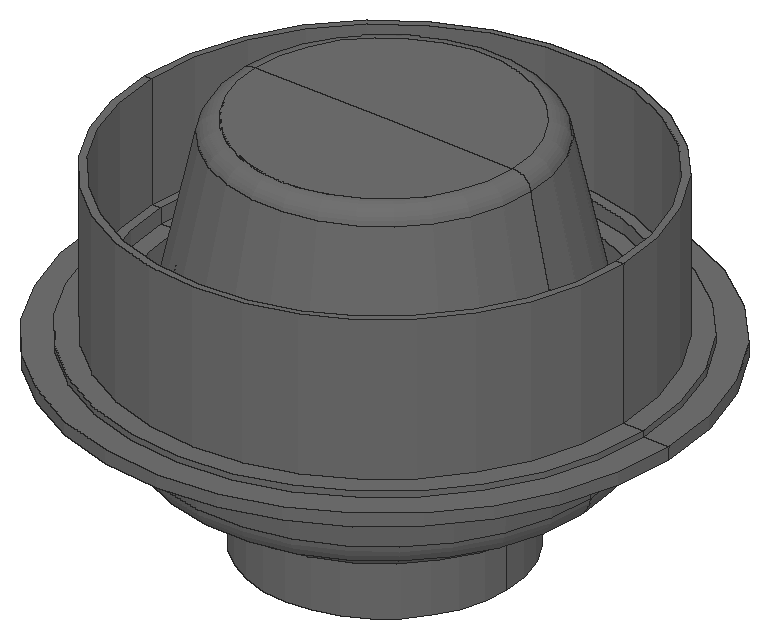
Revit family
Parameters (values of type "1011-06")
  Weight (lb) = 26.14
  Waste Connection = no
  Warranty = "1 year material and workmanship"  # constant formula
  Vent Connection = no
  URL = "http://www.jrsmith.com"
  Threaded = yes
  Technical and Installation = "http://www.jrsmith.com/products/roof/tech_data_index.htm"
  SmartBIM Object Version = 3  # constant formula
  SmartBIM Object Created By = "Reed Construction Data"  # constant formula
  Push On = yes
  Product URL = "http://www.jrsmith.com/products/roof/submittal/d1011.pdf"
  Outlet Radius = Pipe Diameter / 2  # 3"
  Pipe Diameter = 6"
  OmniClass Title = "Roof Drains"  # constant formula
  OmniClass Code = "22-22 14 26 13"  # constant formula
  No Hub = yes
  Model = "1011"  # constant formula
  Material Finish = Cast Iron
  Material = Duco coated
  Manufacturer = "Jay R. Smith Mfg. Co. "  # constant formula
  HW Connection = no
  Dome Free Area = "6\""
  Description = "Duco cast iron body with flashing clamp and stainless steel perforated gravel stop"  # constant formula
  Default Elevation = 0"
  Caulk = yes
  CW Connection = no
  Assembly Code = "D2040200"
  95 CSI = "15165"  # constant formula
  04 CSI = "22 14 35"  # constant formula
Types (6): name | Weight (lb) | Outlet Radius | Pipe Diameter | Material Finish | Dome Free Area
  (no name) | 26.14 | 3" | 6" | Cast Iron | "6\""
  1011-02 | 27.79 | 1" | 2" | Duco coated | "2\""
  1011-03 | 27.22 | 1 1/2" | 3" | Cast Iron | "3\""
  1011-04 | 25.84 | 2" | 4" | Cast Iron | "4\""
  1011-05 | 27.72 | 2 1/2" | 5" | Cast Iron | "5\""
  1011-06 | 26.14 | 3" | 6" | Cast Iron | "6\""
Reference planes (in)
  plane 1 "Center (Front/Back)": y = 0
  plane 2: z = 0
  plane 3 "Center (Left/Right)": x = 0
  plane 4: z = 0.32418
  plane 5: z = -4.67582
  plane 6: z = 4.32418
  plane 7: x = -3
  plane 8: x = 3
  plane 9: z = 5.57418
Forms (in)
  Revolve 1, solid, material "Duco coated" <- "Material"
    sketch origin (0, 0, 0) x (1, 0, 0) y (0, 0, 1)
      loop
        line (3.31738, -2.78433) -> (4.24279, -2.78433)
        arc (4.24279, -2.78433) -> (4.41956, -2.71111) -> (4.49279, -2.53433) r 0.25
        line (4.49279, -2.53433) -> (4.49279, -2.48291)
        arc (4.49279, -2.48291) -> (4.53827, -2.37311) -> (4.64807, -2.32763) r 0.15529
        line (4.64807, -2.32763) -> (4.81442, -2.32763)
        arc (4.81442, -2.32763) -> (5.3208, -2.1401) -> (5.58289, -1.66798) r 0.77744
        line (5.58289, -1.66798) -> (5.73617, -0.66802) -> (7.68747, 0) -> (7.68747, 0.32418) -> (7.00105, 0.32418) -> (7.00105, 0.47276) -> (6.30912, 0.47276) -> (6.30912, 1.28322) -> (6.02851, 1.28322) -> (6.02851, 0.91077) -> (5.57263, 0.91077) -> (5.57263, 0.32418) -> (4.93139, 0.32418) -> (4.93141, -1.85081) -> (4.84921, -1.85081)
        arc (4.84921, -1.85081) -> (4.7806, -2.00775) -> (4.62193, -2.07228) r 0.22735
        line (4.62193, -2.07228) -> (4.55818, -2.07228)
        arc (4.55818, -2.07228) -> (4.39119, -2.12911) -> (4.31094, -2.28619) r 0.23471
        arc (4.31094, -2.28619) -> (4.22335, -2.41139) -> (4.07569, -2.45067) r 0.22268
        line (4.07569, -2.45067) -> (3, -2.45067) -> (3, -4.67582) -> (3.31738, -4.67582) -> (3.31738, -2.78433)
      axis (0, 1.28322) -> (0, -4.67582)
    angle from 0 to 360
  Revolve 2, solid, material "Duco coated" <- "Material"
    sketch origin (0, 0, 0) x (1, 0, 0) y (0, 0, 1)
      loop
        line (6.46537, 0.47276) -> (6.46537, 4.32418) -> (6.29221, 4.32418) -> (6.29221, 0.47276) -> (6.46537, 0.47276)
      axis (0, 4.32418) -> (0, 0.47276)
    angle from 0 to 360
  Revolve 3, solid, material "Duco coated" <- "Material"
    sketch origin (0, 0, 0) x (1, 0, 0) y (0, 0, 1)
      loop
        line (3.48316, 5.57418) -> (0, 5.57418) -> (0, 5.16895) -> (3.1753, 5.16895)
        arc (3.1753, 5.16895) -> (3.52181, 5.04832) -> (3.7185, 4.73858) r 0.55799
        line (3.7185, 4.73858) -> (4.75561, 0.32418) -> (5.05417, 0.32418) -> (3.97118, 5.18296)
        arc (3.97118, 5.18296) -> (3.7959, 5.4643) -> (3.48316, 5.57418) r 0.5
      axis (0, 5.57418) -> (0, 0.32418)
    angle from 0 to 360
Lines and regions (in)
  model lines
    curve 1: circle (-0.04217, -6.46537, 3.78831) r 0.22131 normal (0, 1, 0)
    curve 2: circle (-0.01818, -6.46537, 2.7884) r 0.25 normal (0, 1, 0)
    curve 3: circle (-0.03196, -6.46537, 1.83165) r 0.25 normal (0, 1, 0)
    curve 4: circle (0.00937, -6.46537, 0.98275) r 0.25 normal (0, 1, 0)
    curve 5: circle (1.11294, -6.369, 3.78831) r 0.22131 normal (-0.1786, 0.9839, 0)
    curve 6: circle (1.13655, -6.36471, 2.7884) r 0.25 normal (-0.1786, 0.9839, 0)
    curve 7: circle (1.12299, -6.36717, 1.83165) r 0.25 normal (-0.1786, 0.9839, 0)
    curve 8: circle (1.16365, -6.3598, 0.98275) r 0.25 normal (-0.1786, 0.9839, 0)
    curve 9: circle (2.23229, -6.06792, 3.78831) r 0.22131 normal (-0.3514, 0.9362, 0)
    curve 10: circle (2.25475, -6.05949, 2.7884) r 0.25 normal (-0.3514, 0.9362, 0)
    curve 11: circle (2.24185, -6.06433, 1.83165) r 0.25 normal (-0.3514, 0.9362, 0)
    curve 12: circle (2.28054, -6.04981, 0.98275) r 0.25 normal (-0.3514, 0.9362, 0)
    curve 13: circle (3.27988, -5.57182, 3.78831) r 0.22131 normal (-0.5129, 0.8584, 0)
    curve 14: circle (3.30048, -5.55951, 2.7884) r 0.25 normal (-0.5129, 0.8584, 0)
    curve 15: circle (3.28865, -5.56658, 1.83165) r 0.25 normal (-0.5129, 0.8584, 0)
    curve 16: circle (3.32412, -5.54538, 0.98275) r 0.25 normal (-0.5129, 0.8584, 0)
    curve 17: circle (4.22206, -4.89663, 3.78831) r 0.22131 normal (-0.6579, 0.7531, 0)
    curve 18: circle (4.24013, -4.88085, 2.7884) r 0.25 normal (-0.6579, 0.7531, 0)
    curve 19: circle (4.22975, -4.88991, 1.83165) r 0.25 normal (-0.6579, 0.7531, 0)
    curve 20: circle (4.26087, -4.86272, 0.98275) r 0.25 normal (-0.6579, 0.7531, 0)
    curve 21: circle (5.02854, -4.06406, 3.78831) r 0.22131 normal (-0.7818, 0.6235, 0)
    curve 22: circle (5.04349, -4.04531, 2.7884) r 0.25 normal (-0.7818, 0.6235, 0)
    curve 23: circle (5.03491, -4.05608, 1.83165) r 0.25 normal (-0.7818, 0.6235, 0)
    curve 24: circle (5.06067, -4.02377, 0.98275) r 0.25 normal (-0.7818, 0.6235, 0)
    curve 25: circle (5.67339, -3.10087, 3.78831) r 0.22131 normal (-0.8806, 0.4739, 0)
    curve 26: circle (5.68476, -3.07975, 2.7884) r 0.25 normal (-0.8806, 0.4739, 0)
    curve 27: circle (5.67823, -3.09188, 1.83165) r 0.25 normal (-0.8806, 0.4739, 0)
    curve 28: circle (5.69781, -3.05549, 0.98275) r 0.25 normal (-0.8806, 0.4739, 0)
    curve 29: circle (6.1359, -2.03801, 3.78831) r 0.22131 normal (-0.9511, 0.309, 0)
    curve 30: circle (6.14331, -2.0152, 2.7884) r 0.25 normal (-0.9511, 0.309, 0)
    curve 31: circle (6.13906, -2.0283, 1.83165) r 0.25 normal (-0.9511, 0.309, 0)
    curve 32: circle (6.15183, -1.989, 0.98275) r 0.25 normal (-0.9511, 0.309, 0)
    curve 33: circle (6.4012, -0.90966, 3.78831) r 0.22131 normal (-0.9909, 0.1342, 0)
    curve 34: circle (6.40442, -0.88588, 2.7884) r 0.25 normal (-0.9909, 0.1342, 0)
    curve 35: circle (6.40257, -0.89953, 1.83165) r 0.25 normal (-0.9909, 0.1342, 0)
    curve 36: circle (6.40811, -0.85858, 0.98275) r 0.25 normal (-0.9909, 0.1342, 0)
    curve 37: circle (6.46075, 0.24794, 3.78831) r 0.22131 normal (-0.999, -0.0449, 0)
    curve 38: circle (6.45967, 0.2719, 2.7884) r 0.25 normal (-0.999, -0.0449, 0)
    curve 39: circle (6.46029, 0.25814, 1.83165) r 0.25 normal (-0.999, -0.0449, 0)
    curve 40: circle (6.45844, 0.29943, 0.98275) r 0.25 normal (-0.999, -0.0449, 0)
    curve 41: circle (6.31265, 1.39757, 3.78831) r 0.22131 normal (-0.9749, -0.2225, 0)
    curve 42: circle (6.30731, 1.42095, 2.7884) r 0.25 normal (-0.9749, -0.2225, 0)
    curve 43: circle (6.31038, 1.40753, 1.83165) r 0.25 normal (-0.9749, -0.2225, 0)
    curve 44: circle (6.30118, 1.44781, 0.98275) r 0.25 normal (-0.9749, -0.2225, 0)
    curve 45: circle (5.96166, 2.50228, 3.78831) r 0.22131 normal (-0.9195, -0.393, 0)
    curve 46: circle (5.95223, 2.52433, 2.7884) r 0.25 normal (-0.9195, -0.393, 0)
    curve 47: circle (5.95765, 2.51167, 1.83165) r 0.25 normal (-0.9195, -0.393, 0)
    curve 48: circle (5.94141, 2.54967, 0.98275) r 0.25 normal (-0.9195, -0.393, 0)
    curve 49: circle (5.41906, 3.52656, 3.78831) r 0.22131 normal (-0.8346, -0.5509, 0)
    curve 50: circle (5.40584, 3.54658, 2.7884) r 0.25 normal (-0.8346, -0.5509, 0)
    curve 51: circle (5.41343, 3.53508, 1.83165) r 0.25 normal (-0.8346, -0.5509, 0)
    curve 52: circle (5.39066, 3.56957, 0.98275) r 0.25 normal (-0.8346, -0.5509, 0)
    curve 53: circle (4.70228, 4.4375, 3.78831) r 0.22131 normal (-0.7228, -0.6911, 0)
    curve 54: circle (4.6857, 4.45483, 2.7884) r 0.25 normal (-0.7228, -0.6911, 0)
    curve 55: circle (4.69522, 4.44488, 1.83165) r 0.25 normal (-0.7228, -0.6911, 0)
    curve 56: circle (4.66666, 4.47475, 0.98275) r 0.25 normal (-0.7228, -0.6911, 0)
    curve 57: circle (3.83436, 5.20581, 3.78831) r 0.22131 normal (-0.5878, -0.809, 0)
    curve 58: circle (3.81496, 5.21991, 2.7884) r 0.25 normal (-0.5878, -0.809, 0)
    curve 59: circle (3.8261, 5.21181, 1.83165) r 0.25 normal (-0.5878, -0.809, 0)
    curve 60: circle (3.79267, 5.2361, 0.98275) r 0.25 normal (-0.5878, -0.809, 0)
    curve 61: circle (2.84321, 5.8068, 3.78831) r 0.22131 normal (-0.4339, -0.901, 0)
    curve 62: circle (2.8216, 5.81721, 2.7884) r 0.25 normal (-0.4339, -0.901, 0)
    curve 63: circle (2.83401, 5.81123, 1.83165) r 0.25 normal (-0.4339, -0.901, 0)
    curve 64: circle (2.79678, 5.82916, 0.98275) r 0.25 normal (-0.4339, -0.901, 0)
    curve 65: circle (1.76068, 6.22116, 3.78831) r 0.22131 normal (-0.266, -0.964, 0)
    curve 66: circle (1.73755, 6.22754, 2.7884) r 0.25 normal (-0.266, -0.964, 0)
    curve 67: circle (1.75083, 6.22387, 1.83165) r 0.25 normal (-0.266, -0.964, 0)
    curve 68: circle (1.711, 6.23487, 0.98275) r 0.25 normal (-0.266, -0.964, 0)
    curve 69: circle (0.62155, 6.43556, 3.78831) r 0.22131 normal (-0.0896, -0.996, 0)
    curve 70: circle (0.59766, 6.43771, 2.7884) r 0.25 normal (-0.0896, -0.996, 0)
    curve 71: circle (0.61138, 6.43648, 1.83165) r 0.25 normal (-0.0896, -0.996, 0)
    curve 72: circle (0.57022, 6.44018, 0.98275) r 0.25 normal (-0.0896, -0.996, 0)
    curve 73: circle (-0.53755, 6.44312, 3.78831) r 0.22131 normal (0.0896, -0.996, 0)
    curve 74: circle (-0.56144, 6.44097, 2.7884) r 0.25 normal (0.0896, -0.996, 0)
    curve 75: circle (-0.54772, 6.44221, 1.83165) r 0.25 normal (0.0896, -0.996, 0)
    curve 76: circle (-0.58888, 6.4385, 0.98275) r 0.25 normal (0.0896, -0.996, 0)
    curve 77: circle (-1.67938, 6.24359, 3.78831) r 0.22131 normal (0.266, -0.964, 0)
    curve 78: circle (-1.7025, 6.23721, 2.7884) r 0.25 normal (0.266, -0.964, 0)
    curve 79: circle (-1.68922, 6.24088, 1.83165) r 0.25 normal (0.266, -0.964, 0)
    curve 80: circle (-1.72906, 6.22988, 0.98275) r 0.25 normal (0.266, -0.964, 0)
    curve 81: circle (-2.76722, 5.84339, 3.78831) r 0.22131 normal (0.4339, -0.901, 0)
    curve 82: circle (-2.78884, 5.83299, 2.7884) r 0.25 normal (0.4339, -0.901, 0)
    curve 83: circle (-2.77643, 5.83896, 1.83165) r 0.25 normal (0.4339, -0.901, 0)
    curve 84: circle (-2.81366, 5.82103, 0.98275) r 0.25 normal (0.4339, -0.901, 0)
    curve 85: circle (-3.76613, 5.25538, 3.78831) r 0.22131 normal (0.5878, -0.809, 0)
    curve 86: circle (-3.78554, 5.24128, 2.7884) r 0.25 normal (0.5878, -0.809, 0)
    curve 87: circle (-3.7744, 5.24938, 1.83165) r 0.25 normal (0.5878, -0.809, 0)
    curve 88: circle (-3.80783, 5.22509, 0.98275) r 0.25 normal (0.5878, -0.809, 0)
    curve 89: circle (-4.64399, 4.49846, 3.78831) r 0.22131 normal (0.7228, -0.6911, 0)
    curve 90: circle (-4.66057, 4.48112, 2.7884) r 0.25 normal (0.7228, -0.6911, 0)
    curve 91: circle (-4.65105, 4.49107, 1.83165) r 0.25 normal (0.7228, -0.6911, 0)
    curve 92: circle (-4.67961, 4.4612, 0.98275) r 0.25 normal (0.7228, -0.6911, 0)
    curve 93: circle (-5.37259, 3.59695, 3.78831) r 0.22131 normal (0.8346, -0.5509, 0)
    curve 94: circle (-5.38581, 3.57693, 2.7884) r 0.25 normal (0.8346, -0.5509, 0)
    curve 95: circle (-5.37822, 3.58842, 1.83165) r 0.25 normal (0.8346, -0.5509, 0)
    curve 96: circle (-5.40098, 3.55393, 0.98275) r 0.25 normal (0.8346, -0.5509, 0)
    curve 97: circle (-5.92851, 2.57983, 3.78831) r 0.22131 normal (0.9195, -0.393, 0)
    curve 98: circle (-5.93794, 2.55777, 2.7884) r 0.25 normal (0.9195, -0.393, 0)
    curve 99: circle (-5.93253, 2.57044, 1.83165) r 0.25 normal (0.9195, -0.393, 0)
    curve 100: circle (-5.94877, 2.53244, 0.98275) r 0.25 normal (0.9195, -0.393, 0)
    curve 101: circle (-6.29389, 1.47979, 3.78831) r 0.22131 normal (0.9749, -0.2225, 0)
    curve 102: circle (-6.29922, 1.45641, 2.7884) r 0.25 normal (0.9749, -0.2225, 0)
    curve 103: circle (-6.29616, 1.46983, 1.83165) r 0.25 normal (0.9749, -0.2225, 0)
    curve 104: circle (-6.30535, 1.42955, 0.98275) r 0.25 normal (0.9749, -0.2225, 0)
    curve 105: circle (-6.45697, 0.3322, 3.78831) r 0.22131 normal (0.999, -0.0449, 0)
    curve 106: circle (-6.45804, 0.30823, 2.7884) r 0.25 normal (0.999, -0.0449, 0)
    curve 107: circle (-6.45743, 0.32199, 1.83165) r 0.25 normal (0.999, -0.0449, 0)
    curve 108: circle (-6.45928, 0.28071, 0.98275) r 0.25 normal (0.999, -0.0449, 0)
    curve 109: circle (-6.41252, -0.82608, 3.78831) r 0.22131 normal (0.9909, 0.1342, 0)
    curve 110: circle (-6.4093, -0.84985, 2.7884) r 0.25 normal (0.9909, 0.1342, 0)
    curve 111: circle (-6.41115, -0.8362, 1.83165) r 0.25 normal (0.9909, 0.1342, 0)
    curve 112: circle (-6.4056, -0.87715, 0.98275) r 0.25 normal (0.9909, 0.1342, 0)
    curve 113: circle (-6.16196, -1.9578, 3.78831) r 0.22131 normal (0.9511, 0.309, 0)
    curve 114: circle (-6.15455, -1.98062, 2.7884) r 0.25 normal (0.9511, 0.309, 0)
    curve 115: circle (-6.15881, -1.96752, 1.83165) r 0.25 normal (0.9511, 0.309, 0)
    curve 116: circle (-6.14604, -2.00682, 0.98275) r 0.25 normal (0.9511, 0.309, 0)
    curve 117: circle (-5.71336, -3.0266, 3.78831) r 0.22131 normal (0.8806, 0.4739, 0)
    curve 118: circle (-5.70199, -3.04773, 2.7884) r 0.25 normal (0.8806, 0.4739, 0)
    curve 119: circle (-5.70852, -3.0356, 1.83165) r 0.25 normal (0.8806, 0.4739, 0)
    curve 120: circle (-5.68894, -3.07198, 0.98275) r 0.25 normal (0.8806, 0.4739, 0)
    curve 121: circle (-5.08112, -3.99812, 3.78831) r 0.22131 normal (0.7818, 0.6235, 0)
    curve 122: circle (-5.06617, -4.01688, 2.7884) r 0.25 normal (0.7818, 0.6235, 0)
    curve 123: circle (-5.07475, -4.00611, 1.83165) r 0.25 normal (0.7818, 0.6235, 0)
    curve 124: circle (-5.04899, -4.03842, 0.98275) r 0.25 normal (0.7818, 0.6235, 0)
    curve 125: circle (-4.28557, -4.84114, 3.78831) r 0.22131 normal (0.6579, 0.7531, 0)
    curve 126: circle (-4.26751, -4.85692, 2.7884) r 0.25 normal (0.6579, 0.7531, 0)
    curve 127: circle (-4.27788, -4.84786, 1.83165) r 0.25 normal (0.6579, 0.7531, 0)
    curve 128: circle (-4.24676, -4.87505, 0.98275) r 0.25 normal (0.6579, 0.7531, 0)
    curve 129: circle (-3.35228, -5.52856, 3.78831) r 0.22131 normal (0.5129, 0.8584, 0)
    curve 130: circle (-3.33169, -5.54086, 2.7884) r 0.25 normal (0.5129, 0.8584, 0)
    curve 131: circle (-3.34352, -5.5338, 1.83165) r 0.25 normal (0.5129, 0.8584, 0)
    curve 132: circle (-3.30804, -5.55499, 0.98275) r 0.25 normal (0.5129, 0.8584, 0)
    curve 133: circle (-2.31125, -6.03829, 3.78831) r 0.22131 normal (0.3514, 0.9362, 0)
    curve 134: circle (-2.28879, -6.04672, 2.7884) r 0.25 normal (0.3514, 0.9362, 0)
    curve 135: circle (-2.30169, -6.04188, 1.83165) r 0.25 normal (0.3514, 0.9362, 0)
    curve 136: circle (-2.263, -6.0564, 0.98275) r 0.25 normal (0.3514, 0.9362, 0)
    curve 137: circle (-1.19593, -6.35394, 3.78831) r 0.22131 normal (0.1786, 0.9839, 0)
    curve 138: circle (-1.17233, -6.35822, 2.7884) r 0.25 normal (0.1786, 0.9839, 0)
    curve 139: circle (-1.18588, -6.35576, 1.83165) r 0.25 normal (0.1786, 0.9839, 0)
    curve 140: circle (-1.14522, -6.36314, 0.98275) r 0.25 normal (0.1786, 0.9839, 0)
    curve 141: line (-0.24844, -4.08128, 4.68023) -> (-0.24844, -5.05417, 0.32418)
    curve 142: line (0.26088, -5.05417, 0.32418) -> (0.26088, -4.08128, 4.68023)
    curve 143: arc (0.26088, -4.08128, 4.68023) -> (0.00622, -4.02577, 4.92877) -> (-0.24844, -4.08128, 4.68023) r 0.25466
    curve 144: line (0.66595, -4.03423, 4.68023) -> (0.88244, -4.98273, 0.32418)
    curve 145: line (1.37899, -4.8694, 0.32418) -> (1.16251, -3.9209, 4.68023)
    curve 146: arc (1.16251, -3.9209, 4.68023) -> (0.90188, -3.92345, 4.92877) -> (0.66595, -4.03423, 4.68023) r 0.25466
    curve 147: line (1.54696, -3.7849, 4.68023) -> (1.96908, -4.66144, 0.32418)
    curve 148: line (2.42796, -4.44046, 0.32418) -> (2.00584, -3.56391, 4.68023)
    curve 149: arc (2.00584, -3.56391, 4.68023) -> (1.75232, -3.62439, 4.92877) -> (1.54696, -3.7849, 4.68023) r 0.25466
    curve 150: line (2.35039, -3.34577, 4.68023) -> (2.95698, -4.10641, 0.32418)
    curve 151: line (3.35518, -3.78885, 0.32418) -> (2.7486, -3.02822, 4.68023)
    curve 152: arc (2.7486, -3.02822, 4.68023) -> (2.51489, -3.1436, 4.92877) -> (2.35039, -3.34577, 4.68023) r 0.25466
    curve 153: line (3.03597, -2.73888, 4.68023) -> (3.79661, -3.34546, 0.32418)
    curve 154: line (4.11416, -2.94726, 0.32418) -> (3.35352, -2.34067, 4.68023)
    curve 155: arc (3.35352, -2.34067, 4.68023) -> (3.15135, -2.50517, 4.92877) -> (3.03597, -2.73888, 4.68023) r 0.25466
    curve 156: line (3.56931, -1.99464, 4.68023) -> (4.44585, -2.41676, 0.32418)
    curve 157: line (4.66684, -1.95788, 0.32418) -> (3.79029, -1.53576, 4.68023)
    curve 158: arc (3.79029, -1.53576, 4.68023) -> (3.62979, -1.74111, 4.92877) -> (3.56931, -1.99464, 4.68023) r 0.25466
    curve 159: line (3.92367, -1.15038, 4.68023) -> (4.87217, -1.36687, 0.32418)
    curve 160: line (4.9855, -0.87032, 0.32418) -> (4.037, -0.65383, 4.68023)
    curve 161: arc (4.037, -0.65383, 4.68023) -> (3.92622, -0.88976, 4.92877) -> (3.92367, -1.15038, 4.68023) r 0.25466
    curve 162: line (4.08128, -0.24844, 4.68023) -> (5.05417, -0.24844, 0.32418)
    curve 163: line (5.05417, 0.26088, 0.32418) -> (4.08128, 0.26088, 4.68023)
    curve 164: arc (4.08128, 0.26088, 4.68023) -> (4.02577, 0.00622, 4.92877) -> (4.08128, -0.24844, 4.68023) r 0.25466
    curve 165: line (4.03423, 0.66595, 4.68023) -> (4.98273, 0.88244, 0.32418)
    curve 166: line (4.8694, 1.37899, 0.32418) -> (3.9209, 1.16251, 4.68023)
    curve 167: arc (3.9209, 1.16251, 4.68023) -> (3.92345, 0.90188, 4.92877) -> (4.03423, 0.66595, 4.68023) r 0.25466
    curve 168: line (3.7849, 1.54696, 4.68023) -> (4.66144, 1.96908, 0.32418)
    curve 169: line (4.44046, 2.42796, 0.32418) -> (3.56391, 2.00584, 4.68023)
    curve 170: arc (3.56391, 2.00584, 4.68023) -> (3.62439, 1.75232, 4.92877) -> (3.7849, 1.54696, 4.68023) r 0.25466
    curve 171: line (3.34577, 2.35039, 4.68023) -> (4.10641, 2.95698, 0.32418)
    curve 172: line (3.78885, 3.35518, 0.32418) -> (3.02822, 2.7486, 4.68023)
    curve 173: arc (3.02822, 2.7486, 4.68023) -> (3.1436, 2.51489, 4.92877) -> (3.34577, 2.35039, 4.68023) r 0.25466
    curve 174: line (2.73888, 3.03597, 4.68023) -> (3.34546, 3.79661, 0.32418)
    curve 175: line (2.94726, 4.11416, 0.32418) -> (2.34067, 3.35352, 4.68023)
    curve 176: arc (2.34067, 3.35352, 4.68023) -> (2.50517, 3.15135, 4.92877) -> (2.73888, 3.03597, 4.68023) r 0.25466
    curve 177: line (1.99464, 3.56931, 4.68023) -> (2.41676, 4.44585, 0.32418)
    curve 178: line (1.95788, 4.66684, 0.32418) -> (1.53576, 3.79029, 4.68023)
    curve 179: arc (1.53576, 3.79029, 4.68023) -> (1.74111, 3.62979, 4.92877) -> (1.99464, 3.56931, 4.68023) r 0.25466
    curve 180: line (1.15038, 3.92367, 4.68023) -> (1.36687, 4.87217, 0.32418)
    curve 181: line (0.87032, 4.9855, 0.32418) -> (0.65383, 4.037, 4.68023)
    curve 182: arc (0.65383, 4.037, 4.68023) -> (0.88976, 3.92622, 4.92877) -> (1.15038, 3.92367, 4.68023) r 0.25466
    curve 183: line (0.24844, 4.08128, 4.68023) -> (0.24844, 5.05417, 0.32418)
    curve 184: line (-0.26088, 5.05417, 0.32418) -> (-0.26088, 4.08128, 4.68023)
    curve 185: arc (-0.26088, 4.08128, 4.68023) -> (-0.00622, 4.02577, 4.92877) -> (0.24844, 4.08128, 4.68023) r 0.25466
    curve 186: line (-0.66595, 4.03423, 4.68023) -> (-0.88244, 4.98273, 0.32418)
    curve 187: line (-1.37899, 4.8694, 0.32418) -> (-1.16251, 3.9209, 4.68023)
    curve 188: arc (-1.16251, 3.9209, 4.68023) -> (-0.90188, 3.92345, 4.92877) -> (-0.66595, 4.03423, 4.68023) r 0.25466
    curve 189: line (-1.54696, 3.7849, 4.68023) -> (-1.96908, 4.66144, 0.32418)
    curve 190: line (-2.42796, 4.44046, 0.32418) -> (-2.00584, 3.56391, 4.68023)
    curve 191: arc (-2.00584, 3.56391, 4.68023) -> (-1.75232, 3.62439, 4.92877) -> (-1.54696, 3.7849, 4.68023) r 0.25466
    curve 192: line (-2.35039, 3.34577, 4.68023) -> (-2.95698, 4.10641, 0.32418)
    curve 193: line (-3.35518, 3.78885, 0.32418) -> (-2.7486, 3.02822, 4.68023)
    curve 194: arc (-2.7486, 3.02822, 4.68023) -> (-2.51489, 3.1436, 4.92877) -> (-2.35039, 3.34577, 4.68023) r 0.25466
    curve 195: line (-3.03597, 2.73888, 4.68023) -> (-3.79661, 3.34546, 0.32418)
    curve 196: line (-4.11416, 2.94726, 0.32418) -> (-3.35352, 2.34067, 4.68023)
    curve 197: arc (-3.35352, 2.34067, 4.68023) -> (-3.15135, 2.50517, 4.92877) -> (-3.03597, 2.73888, 4.68023) r 0.25466
    curve 198: line (-3.56931, 1.99464, 4.68023) -> (-4.44585, 2.41676, 0.32418)
    curve 199: line (-4.66684, 1.95788, 0.32418) -> (-3.79029, 1.53576, 4.68023)
    curve 200: arc (-3.79029, 1.53576, 4.68023) -> (-3.62979, 1.74111, 4.92877) -> (-3.56931, 1.99464, 4.68023) r 0.25466
    curve 201: line (-3.92367, 1.15038, 4.68023) -> (-4.87217, 1.36687, 0.32418)
    curve 202: line (-4.9855, 0.87032, 0.32418) -> (-4.037, 0.65383, 4.68023)
    curve 203: arc (-4.037, 0.65383, 4.68023) -> (-3.92622, 0.88976, 4.92877) -> (-3.92367, 1.15038, 4.68023) r 0.25466
    curve 204: line (-4.08128, 0.24844, 4.68023) -> (-5.05417, 0.24844, 0.32418)
    curve 205: line (-5.05417, -0.26088, 0.32418) -> (-4.08128, -0.26088, 4.68023)
    curve 206: arc (-4.08128, -0.26088, 4.68023) -> (-4.02577, -0.00622, 4.92877) -> (-4.08128, 0.24844, 4.68023) r 0.25466
    curve 207: line (-4.03423, -0.66595, 4.68023) -> (-4.98273, -0.88244, 0.32418)
    curve 208: line (-4.8694, -1.37899, 0.32418) -> (-3.9209, -1.16251, 4.68023)
    curve 209: arc (-3.9209, -1.16251, 4.68023) -> (-3.92345, -0.90188, 4.92877) -> (-4.03423, -0.66595, 4.68023) r 0.25466
    curve 210: line (-3.7849, -1.54696, 4.68023) -> (-4.66144, -1.96908, 0.32418)
    curve 211: line (-4.44046, -2.42796, 0.32418) -> (-3.56391, -2.00584, 4.68023)
    curve 212: arc (-3.56391, -2.00584, 4.68023) -> (-3.62439, -1.75232, 4.92877) -> (-3.7849, -1.54696, 4.68023) r 0.25466
    curve 213: line (-3.34577, -2.35039, 4.68023) -> (-4.10641, -2.95698, 0.32418)
    curve 214: line (-3.78885, -3.35518, 0.32418) -> (-3.02822, -2.7486, 4.68023)
    curve 215: arc (-3.02822, -2.7486, 4.68023) -> (-3.1436, -2.51489, 4.92877) -> (-3.34577, -2.35039, 4.68023) r 0.25466
    curve 216: line (-2.73888, -3.03597, 4.68023) -> (-3.34546, -3.79661, 0.32418)
    curve 217: line (-2.94726, -4.11416, 0.32418) -> (-2.34067, -3.35352, 4.68023)
    curve 218: arc (-2.34067, -3.35352, 4.68023) -> (-2.50517, -3.15135, 4.92877) -> (-2.73888, -3.03597, 4.68023) r 0.25466
    curve 219: line (-1.99464, -3.56931, 4.68023) -> (-2.41676, -4.44585, 0.32418)
    curve 220: line (-1.95788, -4.66684, 0.32418) -> (-1.53576, -3.79029, 4.68023)
    curve 221: arc (-1.53576, -3.79029, 4.68023) -> (-1.74111, -3.62979, 4.92877) -> (-1.99464, -3.56931, 4.68023) r 0.25466
    curve 222: line (-1.15038, -3.92367, 4.68023) -> (-1.36687, -4.87217, 0.32418)
    curve 223: line (-0.87032, -4.9855, 0.32418) -> (-0.65383, -4.037, 4.68023)
    curve 224: arc (-0.65383, -4.037, 4.68023) -> (-0.88976, -3.92622, 4.92877) -> (-1.15038, -3.92367, 4.68023) r 0.25466
Dimensions and locks (in)
  equal spacing: plane 8, plane 3 "Center (Left/Right)", plane 7
  "Pipe Diameter": plane 8 to plane 7
  locked: Revolve 1 sketch curve to Revolve 1 sketch curve at 0.31738
  plane 4 to plane 5 = 5"
  plane 6 to plane 4 = 4"
  plane 9 to plane 4 = 5 1/4"
  locked: Revolve 2 sketch curve to plane 3 "Center (Left/Right)" at 6.29221
  Revolve 3 sketch curve to Revolve 3 sketch curve to Revolve 3 sketch curve to Revolve 3 sketch curve to Revolve 3 sketch curve to Revolve 3 sketch curve to plane 3 "Center (Left/Right)" = 0.29855" locked, 0.78443" locked, 0.25269" locked, 0.23534" locked, 0.30786" locked, 3.1753" locked
  locked: Revolve 1 sketch curve to plane 3 "Center (Left/Right)" at 4.07569
  aligned and locked: plane 8 to Revolve 1 sketch curve
Automatic sketch dimensions
  Revolve 2 sketch curve to plane 3 "Center (Left/Right)" = 0"
  Revolve 2 sketch curve to plane 6 = 0"
  Revolve 2 sketch curve to Revolve 2 sketch curve = 0.17316"
  plane 6 to Revolve 2 sketch curve = 1/2"
  Revolve 2 sketch curve to plane 4 = 0.14858"
  Revolve 2 sketch curve to plane 6 = 2 1/4"
  Revolve 3 sketch curve to plane 3 "Center (Left/Right)" = 0"  (x2)
  Revolve 3 sketch curve to plane 9 = 0"
  Revolve 3 sketch curve to plane 4 = 0"  (x2)
  plane 9 to Revolve 3 sketch curve = 0.39122"
  plane 6 to Revolve 3 sketch curve = 1 1/2"
  Revolve 3 sketch curve to plane 6 = 0.28678"
  Revolve 3 sketch curve to Revolve 3 sketch curve = 0.3356"
  Revolve 1 sketch curve to plane 3 "Center (Left/Right)" = 0"
  Revolve 1 sketch curve to plane 4 = 0"  (x2)
  Revolve 1 sketch curve to level = 0"
  Revolve 1 sketch curve to plane 5 = 0"
  Revolve 1 sketch curve to Revolve 1 sketch curve = 0.02006"
  Revolve 1 sketch curve to Revolve 1 sketch curve = 0.16709"
  Revolve 1 sketch curve to Revolve 1 sketch curve = 0.21519"
  Revolve 1 sketch curve to Revolve 1 sketch curve = 1/4"
  Revolve 1 sketch curve to Revolve 1 sketch curve = 0.05198"
  Revolve 1 sketch curve to Revolve 1 sketch curve = 0.01341"
  Revolve 1 sketch curve to Revolve 1 sketch curve = 0.06375"
  Revolve 1 sketch curve to Revolve 1 sketch curve = 0.10331"
  Revolve 1 sketch curve to Revolve 1 sketch curve = 0.19249"
  Revolve 1 sketch curve to Revolve 1 sketch curve = 0.22728"
  Revolve 1 sketch curve to Revolve 1 sketch curve = 0.11697"
  Revolve 1 sketch curve to Revolve 1 sketch curve = 0.0822"
  Revolve 1 sketch curve to Revolve 1 sketch curve = 0.64124"
  Revolve 1 sketch curve to level = 1 171/256"
  Revolve 1 sketch curve to Revolve 1 sketch curve = 0.65149"
  Revolve 1 sketch curve to level = 0.66802"
  Revolve 1 sketch curve to Revolve 1 sketch curve = 0.16354"
  Revolve 1 sketch curve to Revolve 1 sketch curve = 0.45588"
  Revolve 1 sketch curve to plane 4 = 0.14858"
  Revolve 1 sketch curve to Revolve 1 sketch curve = 0.28061"
  Revolve 1 sketch curve to Revolve 1 sketch curve = 0.69193"
  Revolve 1 sketch curve to Revolve 1 sketch curve = 0.68642"
  Revolve 1 sketch curve to Revolve 1 sketch curve = 1.89149"
  Revolve 1 sketch curve to Revolve 1 sketch curve = 0.05142"
  Revolve 1 sketch curve to Revolve 1 sketch curve = 0.33366"
  Revolve 1 sketch curve to Revolve 1 sketch curve = 0.02102"
  Revolve 1 sketch curve to Revolve 1 sketch curve = 0.02042"
  Revolve 1 sketch curve to Revolve 1 sketch curve = 0.30062"
  Revolve 1 sketch curve to level = 1.70217"
  Revolve 1 sketch curve to Revolve 1 sketch curve = 0.43801"
  Revolve 1 sketch curve to Revolve 1 sketch curve = 0.37244"
  Revolve 1 sketch curve to plane 9 = 2.33659"
Connectors (in)
  piping at (0, 0, -4.67582), driven by "Outlet Radius"
    settings: on Revolve 1, index 1
